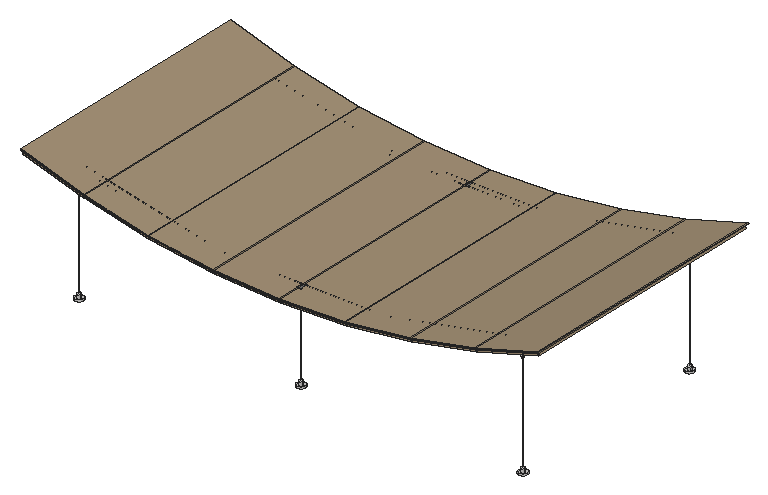
Revit family "Canopies-USG-True_Wood-Vault", category Specialty Equipment, host Face, Revit 2015
Parameters (values of type "Not a Type - Load Type Catalog")
  Width = if(Vault Canopy 72in, 36", 48")  # 48"
  Warranty = ""
  Vault Canopy 96in = not(Vault Canopy 72in)  # yes
  Vault Canopy 72in = no
  USG Literature = ""
  USG Item Number = "-"
  URL = "www.usg.com"
  Type Comments = ""
  Radius = 144"  # constant formula
  Product Page URL = ""
  Product Evaluation Report = ""
  Product Documentation Link = ""
  Model = "-"
  Material = ""
  Manufacturer = "USG"  # constant formula
  Length = if(Vault Canopy 72in, 72", 96")  # 96"
  Installation Guide = ""
  Fire Rating = ""
  Finish = Wood Tones - USG - Beech
  Description = "USG True Wood Canopies"  # constant formula
  Default Elevation = 0"
  Cable Length Desired [instance] = 12"
  Cable Length Actual [instance] = if(Cable Length Desired < 1", 1", if(Cable Length Desired > 120", 120", Cable Length Desired))  # 12"
  Canopy Hanging Kit Offset = if(Vault Canopy 72in, 11/32", 15/32")  # 15/32"
  Canopy Hanging Kit Height Offset = if(Vault Canopy 72in, 2 25/32", 5 3/4")  # 5 3/4"
  Assembly Code = "C3030200"
Reference planes (in)
  plane 1 "Center (Front/Back)": y = 0
  plane 2 "Bottom of Ceiling": z = 0
  plane 3 "Center (Left/Right)": x = 56
  plane 4 "Left": x = 8
  plane 5 "Right": x = 104
  plane 6 "Bottom": z = 0
  plane 7: y = 24
  plane 8: y = -24
  plane 9: y = 19
  plane 10: y = -19
  plane 11: x = 16
  plane 12: x = 96
  plane 13: x = 12
  plane 14: x = 100
  plane 15: x = 15.53125
  plane 16: x = 96.46875
  plane 17: z = 14.72548
  plane 18: z = 13.00897
  plane 19: z = 1.00897
  plane 20: z = 18.75897
Forms (in)
  Revolve 1, solid, material "Metal - USG - Stainless Steel"
    sketch origin (10.06805, -19, 48) x (-1, 0, 0) y (0, 0, 1)
      loop
        line (-46.73195, -48) -> (-45.93195, -48) -> (-45.93195, -46.98996) -> (-45.93195, -34.99103) -> (-45.9632, -34.99103) -> (-45.9632, -46.99103)
        arc (-45.9632, -46.99103) -> (-46.12214, -47.05046) -> (-46.22695, -47.18391) r 0.31399
        line (-46.22695, -47.18391) -> (-46.22695, -47.8125) -> (-46.73195, -47.8125) -> (-46.73195, -48)
      axis (-45.93195, -34.99103) -> (-45.93195, -48)
    angle from 0 to 360
  Revolve 2, solid, material "Metal - USG - Stainless Steel"
    sketch origin (10.06805, -19, 48) x (-1, 0, 0) y (0, 0, 1)
      loop
        line (-87.2007, -48) -> (-86.4007, -48) -> (-86.4007, -46.98996) -> (-86.4007, -29.24103) -> (-86.43195, -29.24103) -> (-86.43195, -46.99103)
        arc (-86.43195, -46.99103) -> (-86.59089, -47.05046) -> (-86.6957, -47.18391) r 0.31399
        line (-86.6957, -47.18391) -> (-86.6957, -47.8125) -> (-87.2007, -47.8125) -> (-87.2007, -48)
      axis (-86.4007, -29.24103) -> (-86.4007, -48)
    angle from 0 to 360
  Revolve 3, solid, material "Metal - USG - Stainless Steel"
    sketch origin (10.06805, 19, 48) x (-1, 0, 0) y (0, 0, 1)
      loop
        line (-46.73195, -48) -> (-45.93195, -48) -> (-45.93195, -46.98996) -> (-45.93195, -34.99103) -> (-45.9632, -34.99103) -> (-45.9632, -46.99103)
        arc (-45.9632, -46.99103) -> (-46.12214, -47.05046) -> (-46.22695, -47.18391) r 0.31399
        line (-46.22695, -47.18391) -> (-46.22695, -47.8125) -> (-46.73195, -47.8125) -> (-46.73195, -48)
      axis (-45.93195, -34.99103) -> (-45.93195, -48)
    angle from 0 to 360
  Revolve 4, solid, material "Metal - USG - Stainless Steel"
    sketch origin (10.06805, 19, 48) x (-1, 0, 0) y (0, 0, 1)
      loop
        line (-87.2007, -48) -> (-86.4007, -48) -> (-86.4007, -46.98996) -> (-86.4007, -29.24103) -> (-86.43195, -29.24103) -> (-86.43195, -46.99103)
        arc (-86.43195, -46.99103) -> (-86.59089, -47.05046) -> (-86.6957, -47.18391) r 0.31399
        line (-86.6957, -47.18391) -> (-86.6957, -47.8125) -> (-87.2007, -47.8125) -> (-87.2007, -48)
      axis (-86.4007, -29.24103) -> (-86.4007, -48)
    angle from 0 to 360
  Revolve 5, solid, material "Metal - USG - Stainless Steel"
    sketch origin (10.06805, -19, 48) x (-1, 0, 0) y (0, 0, 1)
      loop
        arc (-5.49445, -46.99103) -> (-5.65339, -47.05046) -> (-5.7582, -47.18391) r 0.31399
        line (-5.7582, -47.18391) -> (-5.7582, -47.8125) -> (-6.2632, -47.8125) -> (-6.2632, -48) -> (-5.4632, -48) -> (-5.4632, -46.98996) -> (-5.4632, -29.24103) -> (-5.49445, -29.24103) -> (-5.49445, -46.99103)
      axis (-5.4632, -29.24103) -> (-5.4632, -48)
    angle from 0 to 360
  Revolve 6, solid, material "Metal - USG - Stainless Steel"
    sketch origin (10.06805, 19, 48) x (-1, 0, 0) y (0, 0, 1)
      loop
        arc (-5.49445, -46.99103) -> (-5.65339, -47.05046) -> (-5.7582, -47.18391) r 0.31399
        line (-5.7582, -47.18391) -> (-5.7582, -47.8125) -> (-6.2632, -47.8125) -> (-6.2632, -48) -> (-5.4632, -48) -> (-5.4632, -46.98996) -> (-5.4632, -29.24103) -> (-5.49445, -29.24103) -> (-5.49445, -46.99103)
      axis (-5.4632, -29.24103) -> (-5.4632, -48)
    angle from 0 to 360
Dimensions and locks (in)
  "Length": plane 4 "Left" to plane 5 "Right"
  equal spacing: plane 4 "Left", plane 3 "Center (Left/Right)", plane 5 "Right"
  equal spacing: plane 8, plane 1 "Center (Front/Back)", plane 7
  "Width": plane 7 to plane 8
  locked: plane 7 to plane 9 at 5
  locked: plane 8 to plane 10 at 5
  locked: plane 4 "Left" to plane 11 at 8
  locked: plane 12 to plane 5 "Right" at 8
  locked: plane 4 "Left" to plane 13 at 4
  locked: plane 14 to plane 5 "Right" at 4
  "Canopy Hanging Kit Offset": plane 15 to plane 11
  "Canopy Hanging Kit Offset": plane 16 to plane 12
  locked: plane 17 to plane 18 at 1.71652
  "Cable Length Actual": plane 18 to plane 19
  locked: plane 19 to level at 1.00897
  "Canopy Hanging Kit Height Offset": plane 20 to plane 18
  Revolve 1 sketch curve to Revolve 1 sketch curve to Revolve 1 sketch curve to Revolve 1 sketch curve to Revolve 1 sketch curve to Revolve 1 sketch curve to plane 3 "Center (Left/Right)" = 0" locked, 0.505" locked, 0" locked, 0.26375" locked, 0" locked, 1/32" locked
  Revolve 1 sketch curve to Revolve 1 sketch curve to Revolve 1 sketch curve to Revolve 1 sketch curve to level = 0.19287" locked, 0.62859" locked, 0" locked, 3/16" locked
  Revolve 3 sketch curve to Revolve 3 sketch curve to Revolve 3 sketch curve to Revolve 3 sketch curve to Revolve 3 sketch curve to Revolve 3 sketch curve to plane 3 "Center (Left/Right)" = 0" locked, 0.505" locked, 0" locked, 0.26375" locked, 0" locked, 1/32" locked
  Revolve 3 sketch curve to Revolve 3 sketch curve to Revolve 3 sketch curve to Revolve 3 sketch curve to level = 0.19287" locked, 0.62859" locked, 0" locked, 3/16" locked
  Revolve 2 sketch curve to Revolve 2 sketch curve to Revolve 2 sketch curve to Revolve 2 sketch curve to Revolve 2 sketch curve to Revolve 2 sketch curve to plane 16 = 0" locked, 0.505" locked, 0" locked, 0.26375" locked, 0" locked, 1/32" locked
  Revolve 2 sketch curve to Revolve 2 sketch curve to Revolve 2 sketch curve to Revolve 2 sketch curve to level = 0.19287" locked, 0.62859" locked, 0" locked, 3/16" locked
  Revolve 4 sketch curve to Revolve 4 sketch curve to Revolve 4 sketch curve to Revolve 4 sketch curve to Revolve 4 sketch curve to Revolve 4 sketch curve to plane 16 = 0" locked, 0.505" locked, 0" locked, 0.26375" locked, 0" locked, 1/32" locked
  Revolve 4 sketch curve to Revolve 4 sketch curve to Revolve 4 sketch curve to Revolve 4 sketch curve to level = 0.19287" locked, 0.62859" locked, 0" locked, 3/16" locked
  Revolve 5 sketch curve to Revolve 5 sketch curve to Revolve 5 sketch curve to Revolve 5 sketch curve to Revolve 5 sketch curve to plane 15 = 0" locked, 0.505" locked, 0" locked, 0.26375" locked, 1/32" locked
  Revolve 5 sketch curve to Revolve 5 sketch curve to Revolve 5 sketch curve to level = 0.62859" locked, 0" locked, 3/16" locked
  Revolve 6 sketch curve to Revolve 6 sketch curve to Revolve 6 sketch curve to Revolve 6 sketch curve to Revolve 6 sketch curve to plane 15 = 0" locked, 0.505" locked, 0" locked, 0.26375" locked, 1/32" locked
  Revolve 6 sketch curve to Revolve 6 sketch curve to Revolve 6 sketch curve to level = 0.62859" locked, 0" locked, 3/16" locked
  aligned and locked: host face to plane 2 "Bottom of Ceiling"
  aligned and locked: level to host face
  aligned and locked: Revolve 1 to plane 18
  aligned and locked: plane 18 to Revolve 3
  aligned and locked: Revolve 5 to plane 20  (x5)
  aligned and locked: Revolve 2 to plane 20
  aligned and locked: plane 20 to Revolve 4
  aligned and locked: plane 20 to Revolve 6
  aligned and locked: Revolve 1 sketch curve to plane 3 "Center (Left/Right)"  (x2)
  aligned and locked: plane 3 "Center (Left/Right)" to Revolve 1 sketch curve
  aligned and locked: Revolve 3 sketch curve to plane 3 "Center (Left/Right)"  (x2)
  aligned and locked: plane 3 "Center (Left/Right)" to Revolve 3 sketch curve
  aligned and locked: Revolve 2 sketch curve to plane 16  (x2)
  aligned and locked: plane 16 to Revolve 2 sketch curve
  aligned and locked: Revolve 4 sketch curve to plane 16  (x2)
  aligned and locked: plane 16 to Revolve 4 sketch curve
  aligned and locked: plane 15 to Revolve 5 sketch curve  (x2)
  aligned and locked: Revolve 5 sketch curve to plane 15
  aligned and locked: plane 15 to Revolve 6 sketch curve  (x2)
  aligned and locked: Revolve 6 sketch curve to plane 15
Automatic sketch dimensions
  host sketch curve to host sketch curve = 150"
  host sketch curve to host sketch curve = 145.5071"
  Revolve 1 sketch curve to level = 0"
  Revolve 1 sketch curve to plane 18 = 0"
  Revolve 1 sketch curve to plane 3 "Center (Left/Right)" = 0.00485"
  plane 19 to Revolve 1 sketch curve = 0.00107"
  level to Revolve 1 sketch curve = 1.08111"
  plane 20 to Revolve 1 sketch curve = 6.87867"
  Revolve 2 sketch curve to level = 0"
  Revolve 2 sketch curve to plane 20 = 0"
  Revolve 2 sketch curve to plane 16 = 0.00485"
  plane 19 to Revolve 2 sketch curve = 0.00107"
  level to Revolve 2 sketch curve = 1.08111"
  Revolve 2 sketch curve to Revolve 2 sketch curve = 6.87867"
  Revolve 3 sketch curve to level = 0"
  Revolve 3 sketch curve to plane 18 = 0"
  plane 3 "Center (Left/Right)" to Revolve 3 sketch curve = 0.00485"
  Revolve 3 sketch curve to plane 19 = 0.00107"
  Revolve 3 sketch curve to Revolve 3 sketch curve = 1.08111"
  Revolve 3 sketch curve to plane 20 = 6.87867"
  Revolve 4 sketch curve to level = 0"
  Revolve 4 sketch curve to plane 20 = 0"
  plane 16 to Revolve 4 sketch curve = 0.00485"
  Revolve 4 sketch curve to plane 19 = 0.00107"
  Revolve 4 sketch curve to Revolve 4 sketch curve = 1.08111"
  Revolve 4 sketch curve to Revolve 4 sketch curve = 6.87867"
  Revolve 5 sketch curve to plane 20 = 0"
  Revolve 5 sketch curve to plane 19 = 0"
  Revolve 5 sketch curve to level = 0"
  plane 15 to Revolve 5 sketch curve = 0.00485"
  plane 19 to Revolve 5 sketch curve = 0.00107"
  Revolve 5 sketch curve to Revolve 5 sketch curve = 1.08111"
  plane 20 to Revolve 5 sketch curve = 6.87867"
  Revolve 6 sketch curve to level = 0"
  Revolve 6 sketch curve to plane 20 = 0"
  Revolve 6 sketch curve to plane 19 = 0"
  Revolve 6 sketch curve to plane 15 = 0.00485"
  Revolve 6 sketch curve to plane 19 = 0.00107"
  Revolve 6 sketch curve to Revolve 6 sketch curve = 1.08111"
  Revolve 6 sketch curve to plane 20 = 6.87867"
Nested families (in)
  nested 1: "Nested-Vault" at (56, 0, 14.72548), type "Nested-Vault"
    with Width 48", Canopy Hanging Kit 96in yes, Canopy Hanging Kit 72in no
Definition of nested family "Nested-Vault"
  Parameters (values of type "Nested-Vault")
    Width = 36"
    Panel Finish = none
    Length = 36"
    Default Elevation = 48"
    Channel Finish = none
    Canopy Hanging Kit Finish = none
    Canopy Hanging Kit 96in = no
    Canopy Hanging Kit 72in = yes
  Reference planes (in)
    plane 1 "Center (Front/Back)": y = 0
    plane 2: z = 0
    plane 3 "Center (Left/Right)": x = 0
    plane 4: y = -18
    plane 5: y = 18
    plane 6: y = 13
    plane 7: y = -13
    plane 8: x = -48
    plane 9: x = 48
    plane 10: x = -47.11523
    plane 11: x = 47.11523
    plane 12: x = -36
    plane 13: x = 36
    plane 14: x = -35.62695
    plane 15: x = 35.62695
    plane 16: x = -44
    plane 17: x = 44
    plane 18: x = 32
    plane 19: x = -32
    plane 20: x = 40
    plane 21: x = -40
    plane 22: x = 28
    plane 23: x = -28
  Forms (in)
    Extrusion 1, solid
      sketch origin (0, 0, 0) x (1, 0, 0) y (0, 1, 0)
        loop
          line (-48, 48) -> (-48, -48) -> (48, -48) -> (48, 48) -> (-48, 48)
      from 0 to -12
    Extrusion 2, solid, material <- "Panel Finish"
      sketch origin (0.03124, 0, 0.87562) x (0, 1, 0) y (-0.04165, 0, 0.999132)
        loop
          line (-18, 0.75) -> (-18, 0.62317) -> (-17.75135, 0.37451) -> (-17.62635, 0.37451) -> (-17.62635, 0) -> (17.62635, 0) -> (17.62635, 0.37451) -> (17.75135, 0.37451) -> (18, 0.62317) -> (18, 0.75) -> (-18, 0.75)
      from 0 to 12
    Extrusion 3, solid, material <- "Panel Finish"
      sketch origin (12.08309, 0, 1.38083) x (0, 1, 0) y (-0.124694, 0, 0.992195)
        loop
          line (-18, 0.75) -> (-18, 0.62317) -> (-17.75135, 0.37451) -> (-17.62635, 0.37451) -> (-17.62635, 0) -> (17.62635, 0) -> (17.62635, 0.37451) -> (17.75135, 0.37451) -> (18, 0.62317) -> (18, 0.75) -> (-18, 0.75)
      from 0 to 12
    Extrusion 4, solid, material <- "Panel Finish", visible <- "Canopy Hanging Kit 96in"
      sketch origin (24.05103, 0, 2.88772) x (0, 1, 0) y (-0.206872, 0, 0.978368)
        loop
          line (-18, 0.75) -> (-18, 0.62317) -> (-17.75135, 0.37451) -> (-17.62635, 0.37451) -> (-17.62635, 0) -> (17.62635, 0) -> (17.62635, 0.37451) -> (17.75135, 0.37451) -> (18, 0.62317) -> (18, 0.75) -> (-18, 0.75)
      from 0 to 12
    Extrusion 5, solid, material <- "Panel Finish", visible <- "Canopy Hanging Kit 96in"
      sketch origin (35.85196, 0, 5.38585) x (0, 1, 0) y (-0.287614, 0, 0.957746)
        loop
          line (-18, 0.75) -> (-18, 0.62317) -> (-17.75135, 0.37451) -> (-17.62635, 0.37451) -> (-17.62635, 0) -> (17.62635, 0) -> (17.62635, 0.37451) -> (17.75135, 0.37451) -> (18, 0.62317) -> (18, 0.75) -> (-18, 0.75)
      from 0 to 12
    Sweep 6, solid, material <- "Channel Finish", visible <- "Canopy Hanging Kit 96in"
      path origin (-60, -13, 48.87497) x (-1, 0, 0) y (0, 0, 1)
        loop
          arc (-16, -41.98809) -> (-60, -48.875) -> (-104, -41.98809) r 144
      profile origin (0, -13, -0.00003) x (0, 0, 1) y (0, -1, 0)
        loop
          arc (0.22879, 0.4375) -> (0.28129, 0.49) -> (0.22879, 0.5425) r 0.0525
          line (0.22879, 0.5425) -> (0.13625, 0.5425)
          arc (0.13625, 0.5425) -> (0.11415, 0.55165) -> (0.105, 0.57375) r 0.03125
          line (0.105, 0.57375) -> (0.105, 0.61375)
          arc (0.105, 0.61375) -> (0.13246, 0.68004) -> (0.19875, 0.7075) r 0.09375
          line (0.19875, 0.7075) -> (0.73875, 0.7075)
          arc (0.73875, 0.7075) -> (0.76085, 0.69835) -> (0.77, 0.67625) r 0.03125
          line (0.77, 0.67625) -> (0.77, -0.67625)
          arc (0.77, -0.67625) -> (0.76085, -0.69835) -> (0.73875, -0.7075) r 0.03125
          line (0.73875, -0.7075) -> (0.19875, -0.7075)
          arc (0.19875, -0.7075) -> (0.13246, -0.68004) -> (0.105, -0.61375) r 0.09375
          line (0.105, -0.61375) -> (0.105, -0.57375)
          arc (0.105, -0.57375) -> (0.11415, -0.55165) -> (0.13625, -0.5425) r 0.03125
          line (0.13625, -0.5425) -> (0.22879, -0.5425)
          arc (0.22879, -0.5425) -> (0.28129, -0.49) -> (0.22879, -0.4375) r 0.0525
          line (0.22879, -0.4375) -> (0.13625, -0.4375)
          arc (0.13625, -0.4375) -> (0.03991, -0.47741) -> (0, -0.57375) r 0.13625
          line (0, -0.57375) -> (0, -0.61375)
          arc (0, -0.61375) -> (0.05821, -0.75429) -> (0.19875, -0.8125) r 0.19875
          line (0.19875, -0.8125) -> (0.73875, -0.8125)
          arc (0.73875, -0.8125) -> (0.83509, -0.77259) -> (0.875, -0.67625) r 0.13625
          line (0.875, -0.67625) -> (0.875, 0.67625)
          arc (0.875, 0.67625) -> (0.83509, 0.77259) -> (0.73875, 0.8125) r 0.13625
          line (0.73875, 0.8125) -> (0.19875, 0.8125)
          arc (0.19875, 0.8125) -> (0.05821, 0.75429) -> (0, 0.61375) r 0.19875
          line (0, 0.61375) -> (0, 0.57375)
          arc (0, 0.57375) -> (0.03991, 0.47741) -> (0.13625, 0.4375) r 0.13625
          line (0.13625, 0.4375) -> (0.22879, 0.4375)
    Sweep 7, solid, material <- "Channel Finish", visible <- "Canopy Hanging Kit 72in"
      path origin (-60, -13, 48.87497) x (-1, 0, 0) y (0, 0, 1)
        loop
          arc (-28, -45.27443) -> (-60, -48.875) -> (-92, -45.27443) r 144
      profile origin (0, -13, -0.00003) x (0, 0, 1) y (0, -1, 0)
        loop
          arc (0.22879, 0.4375) -> (0.28129, 0.49) -> (0.22879, 0.5425) r 0.0525
          line (0.22879, 0.5425) -> (0.13625, 0.5425)
          arc (0.13625, 0.5425) -> (0.11415, 0.55165) -> (0.105, 0.57375) r 0.03125
          line (0.105, 0.57375) -> (0.105, 0.61375)
          arc (0.105, 0.61375) -> (0.13246, 0.68004) -> (0.19875, 0.7075) r 0.09375
          line (0.19875, 0.7075) -> (0.73875, 0.7075)
          arc (0.73875, 0.7075) -> (0.76085, 0.69835) -> (0.77, 0.67625) r 0.03125
          line (0.77, 0.67625) -> (0.77, -0.67625)
          arc (0.77, -0.67625) -> (0.76085, -0.69835) -> (0.73875, -0.7075) r 0.03125
          line (0.73875, -0.7075) -> (0.19875, -0.7075)
          arc (0.19875, -0.7075) -> (0.13246, -0.68004) -> (0.105, -0.61375) r 0.09375
          line (0.105, -0.61375) -> (0.105, -0.57375)
          arc (0.105, -0.57375) -> (0.11415, -0.55165) -> (0.13625, -0.5425) r 0.03125
          line (0.13625, -0.5425) -> (0.22879, -0.5425)
          arc (0.22879, -0.5425) -> (0.28129, -0.49) -> (0.22879, -0.4375) r 0.0525
          line (0.22879, -0.4375) -> (0.13625, -0.4375)
          arc (0.13625, -0.4375) -> (0.03991, -0.47741) -> (0, -0.57375) r 0.13625
          line (0, -0.57375) -> (0, -0.61375)
          arc (0, -0.61375) -> (0.05821, -0.75429) -> (0.19875, -0.8125) r 0.19875
          line (0.19875, -0.8125) -> (0.73875, -0.8125)
          arc (0.73875, -0.8125) -> (0.83509, -0.77259) -> (0.875, -0.67625) r 0.13625
          line (0.875, -0.67625) -> (0.875, 0.67625)
          arc (0.875, 0.67625) -> (0.83509, 0.77259) -> (0.73875, 0.8125) r 0.13625
          line (0.73875, 0.8125) -> (0.19875, 0.8125)
          arc (0.19875, 0.8125) -> (0.05821, 0.75429) -> (0, 0.61375) r 0.19875
          line (0, 0.61375) -> (0, 0.57375)
          arc (0, 0.57375) -> (0.03991, 0.47741) -> (0.13625, 0.4375) r 0.13625
          line (0.13625, 0.4375) -> (0.22879, 0.4375)
    Sweep 8, solid, material <- "Channel Finish", visible <- "Canopy Hanging Kit 96in"
      path origin (-60, 13, 48.87497) x (-1, 0, 0) y (0, 0, 1)
        loop
          arc (-16, -41.98809) -> (-60, -48.875) -> (-104, -41.98809) r 144
      profile origin (0, 13, -0.00003) x (0, 0, -1) y (0, 1, 0)
        loop
          line (-0.22879, 0.4375) -> (-0.13625, 0.4375)
          arc (-0.13625, 0.4375) -> (-0.03991, 0.47741) -> (0, 0.57375) r 0.13625
          line (0, 0.57375) -> (0, 0.61375)
          arc (0, 0.61375) -> (-0.05821, 0.75429) -> (-0.19875, 0.8125) r 0.19875
          line (-0.19875, 0.8125) -> (-0.73875, 0.8125)
          arc (-0.73875, 0.8125) -> (-0.83509, 0.77259) -> (-0.875, 0.67625) r 0.13625
          line (-0.875, 0.67625) -> (-0.875, -0.67625)
          arc (-0.875, -0.67625) -> (-0.83509, -0.77259) -> (-0.73875, -0.8125) r 0.13625
          line (-0.73875, -0.8125) -> (-0.19875, -0.8125)
          arc (-0.19875, -0.8125) -> (-0.05821, -0.75429) -> (0, -0.61375) r 0.19875
          line (0, -0.61375) -> (0, -0.57375)
          arc (0, -0.57375) -> (-0.03991, -0.47741) -> (-0.13625, -0.4375) r 0.13625
          line (-0.13625, -0.4375) -> (-0.22879, -0.4375)
          arc (-0.22879, -0.4375) -> (-0.28129, -0.49) -> (-0.22879, -0.5425) r 0.0525
          line (-0.22879, -0.5425) -> (-0.13625, -0.5425)
          arc (-0.13625, -0.5425) -> (-0.11415, -0.55165) -> (-0.105, -0.57375) r 0.03125
          line (-0.105, -0.57375) -> (-0.105, -0.61375)
          arc (-0.105, -0.61375) -> (-0.13246, -0.68004) -> (-0.19875, -0.7075) r 0.09375
          line (-0.19875, -0.7075) -> (-0.73875, -0.7075)
          arc (-0.73875, -0.7075) -> (-0.76085, -0.69835) -> (-0.77, -0.67625) r 0.03125
          line (-0.77, -0.67625) -> (-0.77, 0.67625)
          arc (-0.77, 0.67625) -> (-0.76085, 0.69835) -> (-0.73875, 0.7075) r 0.03125
          line (-0.73875, 0.7075) -> (-0.19875, 0.7075)
          arc (-0.19875, 0.7075) -> (-0.13246, 0.68004) -> (-0.105, 0.61375) r 0.09375
          line (-0.105, 0.61375) -> (-0.105, 0.57375)
          arc (-0.105, 0.57375) -> (-0.11415, 0.55165) -> (-0.13625, 0.5425) r 0.03125
          line (-0.13625, 0.5425) -> (-0.22879, 0.5425)
          arc (-0.22879, 0.5425) -> (-0.28129, 0.49) -> (-0.22879, 0.4375) r 0.0525
    Sweep 9, solid, material <- "Channel Finish", visible <- "Canopy Hanging Kit 72in"
      path origin (-60, 13, 48.87497) x (-1, 0, 0) y (0, 0, 1)
        loop
          arc (-28, -45.27443) -> (-60, -48.875) -> (-92, -45.27443) r 144
      profile origin (0, 13, -0.00003) x (0, 0, -1) y (0, 1, 0)
        loop
          line (-0.22879, 0.4375) -> (-0.13625, 0.4375)
          arc (-0.13625, 0.4375) -> (-0.03991, 0.47741) -> (0, 0.57375) r 0.13625
          line (0, 0.57375) -> (0, 0.61375)
          arc (0, 0.61375) -> (-0.05821, 0.75429) -> (-0.19875, 0.8125) r 0.19875
          line (-0.19875, 0.8125) -> (-0.73875, 0.8125)
          arc (-0.73875, 0.8125) -> (-0.83509, 0.77259) -> (-0.875, 0.67625) r 0.13625
          line (-0.875, 0.67625) -> (-0.875, -0.67625)
          arc (-0.875, -0.67625) -> (-0.83509, -0.77259) -> (-0.73875, -0.8125) r 0.13625
          line (-0.73875, -0.8125) -> (-0.19875, -0.8125)
          arc (-0.19875, -0.8125) -> (-0.05821, -0.75429) -> (0, -0.61375) r 0.19875
          line (0, -0.61375) -> (0, -0.57375)
          arc (0, -0.57375) -> (-0.03991, -0.47741) -> (-0.13625, -0.4375) r 0.13625
          line (-0.13625, -0.4375) -> (-0.22879, -0.4375)
          arc (-0.22879, -0.4375) -> (-0.28129, -0.49) -> (-0.22879, -0.5425) r 0.0525
          line (-0.22879, -0.5425) -> (-0.13625, -0.5425)
          arc (-0.13625, -0.5425) -> (-0.11415, -0.55165) -> (-0.105, -0.57375) r 0.03125
          line (-0.105, -0.57375) -> (-0.105, -0.61375)
          arc (-0.105, -0.61375) -> (-0.13246, -0.68004) -> (-0.19875, -0.7075) r 0.09375
          line (-0.19875, -0.7075) -> (-0.73875, -0.7075)
          arc (-0.73875, -0.7075) -> (-0.76085, -0.69835) -> (-0.77, -0.67625) r 0.03125
          line (-0.77, -0.67625) -> (-0.77, 0.67625)
          arc (-0.77, 0.67625) -> (-0.76085, 0.69835) -> (-0.73875, 0.7075) r 0.03125
          line (-0.73875, 0.7075) -> (-0.19875, 0.7075)
          arc (-0.19875, 0.7075) -> (-0.13246, 0.68004) -> (-0.105, 0.61375) r 0.09375
          line (-0.105, 0.61375) -> (-0.105, 0.57375)
          arc (-0.105, 0.57375) -> (-0.11415, 0.55165) -> (-0.13625, 0.5425) r 0.03125
          line (-0.13625, 0.5425) -> (-0.22879, 0.5425)
          arc (-0.22879, 0.5425) -> (-0.28129, 0.49) -> (-0.22879, 0.4375) r 0.0525
    Extrusion 10, solid, material <- "Panel Finish"
      sketch origin (-0.03124, 0, 0.87562) x (0, 1, 0) y (-0.04165, 0, -0.999132)
        loop
          line (-18, -0.75) -> (18, -0.75) -> (18, -0.62317) -> (17.75135, -0.37451) -> (17.62635, -0.37451) -> (17.62635, 0) -> (-17.62635, 0) -> (-17.62635, -0.37451) -> (-17.75135, -0.37451) -> (-18, -0.62317) -> (-18, -0.75)
      from 0 to 12
    Extrusion 11, solid, material <- "Panel Finish"
      sketch origin (-12.08309, 0, 1.38083) x (0, 1, 0) y (-0.124694, 0, -0.992195)
        loop
          line (-18, -0.75) -> (18, -0.75) -> (18, -0.62317) -> (17.75135, -0.37451) -> (17.62635, -0.37451) -> (17.62635, 0) -> (-17.62635, 0) -> (-17.62635, -0.37451) -> (-17.75135, -0.37451) -> (-18, -0.62317) -> (-18, -0.75)
      from 0 to 12
    Extrusion 12, solid, material <- "Panel Finish", visible <- "Canopy Hanging Kit 96in"
      sketch origin (-24.05103, 0, 2.88772) x (0, 1, 0) y (-0.206872, 0, -0.978368)
        loop
          line (-18, -0.75) -> (18, -0.75) -> (18, -0.62317) -> (17.75135, -0.37451) -> (17.62635, -0.37451) -> (17.62635, 0) -> (-17.62635, 0) -> (-17.62635, -0.37451) -> (-17.75135, -0.37451) -> (-18, -0.62317) -> (-18, -0.75)
      from 0 to 12
    Extrusion 13, solid, material <- "Panel Finish", visible <- "Canopy Hanging Kit 96in"
      sketch origin (-35.85196, 0, 5.38585) x (0, 1, 0) y (-0.287614, 0, -0.957746)
        loop
          line (-18, -0.75) -> (18, -0.75) -> (18, -0.62317) -> (17.75135, -0.37451) -> (17.62635, -0.37451) -> (17.62635, 0) -> (-17.62635, 0) -> (-17.62635, -0.37451) -> (-17.75135, -0.37451) -> (-18, -0.62317) -> (-18, -0.75)
      from 0 to 12
    Revolve 14, solid, material <- "Canopy Hanging Kit Finish", visible <- "Canopy Hanging Kit 72in"
      sketch origin (28, -13, 2.71719) x (0.192214, 0, -0.981353) y (0.981353, 0, 0.192214)
        loop
          line (0, -0.197) -> (0, -1) -> (0.062, -1) -> (0.062, -0.197) -> (1.32252, -0.197) -> (1.32252, -0.11719) -> (1.68568, -0.11719)
          arc (1.68568, -0.11719) -> (1.70749, -0.10815) -> (1.71652, -0.08635) r 0.03084
          line (1.71652, -0.08635) -> (1.71652, 0) -> (-0.76837, 0) -> (-0.76837, -0.67969) -> (-0.2827, -0.67969) -> (-0.2827, -0.197) -> (0, -0.197)
        axis (1.71652, 0) -> (-0.76837, 0)
      angle from 0 to 360
    Revolve 15, solid, material <- "Canopy Hanging Kit Finish", visible <- "Canopy Hanging Kit 72in"
      sketch origin (-28, -13, 2.71719) x (-0.192214, 0, -0.981353) y (0.981353, 0, -0.192214)
        loop
          line (-0.76837, 0) -> (1.71652, 0) -> (1.71652, 0.08635)
          arc (1.71652, 0.08635) -> (1.70749, 0.10815) -> (1.68568, 0.11719) r 0.03084
          line (1.68568, 0.11719) -> (1.32252, 0.11719) -> (1.32252, 0.197) -> (0.062, 0.197) -> (0.062, 1) -> (0, 1) -> (0, 0.197) -> (-0.2827, 0.197) -> (-0.2827, 0.67969) -> (-0.76837, 0.67969) -> (-0.76837, 0)
        axis (1.71652, 0) -> (-0.76837, 0)
      angle from 0 to 360
    Revolve 16, solid, material <- "Canopy Hanging Kit Finish"
      sketch origin (0, -13, 0) x (0, 0, -1) y (1, 0, 0)
        loop
          line (0, -0.197) -> (0, -1) -> (0.062, -1) -> (0.062, -0.197) -> (1.32252, -0.197) -> (1.32252, -0.11719) -> (1.68568, -0.11719)
          arc (1.68568, -0.11719) -> (1.70749, -0.10815) -> (1.71652, -0.08635) r 0.03084
          line (1.71652, -0.08635) -> (1.71652, 0) -> (-0.76837, 0) -> (-0.76837, -0.67969) -> (-0.2827, -0.67969) -> (-0.2827, -0.197) -> (0, -0.197)
        axis (1.71652, 0) -> (-0.76837, 0)
      angle from 0 to 360
    Revolve 17, solid, material <- "Canopy Hanging Kit Finish", visible <- "Canopy Hanging Kit 72in"
      sketch origin (28, 13, 2.71719) x (0.192214, 0, -0.981353) y (-0.981353, 0, -0.192214)
        loop
          line (-0.76837, 0) -> (-0.76837, -0.67969) -> (-0.2827, -0.67969) -> (-0.2827, -0.197) -> (0, -0.197) -> (0, -1) -> (0.062, -1) -> (0.062, -0.197) -> (1.32252, -0.197) -> (1.32252, -0.11719) -> (1.68568, -0.11719)
          arc (1.68568, -0.11719) -> (1.70749, -0.10815) -> (1.71652, -0.08635) r 0.03084
          line (1.71652, -0.08635) -> (1.71652, 0) -> (-0.76837, 0)
        axis (1.71652, 0) -> (-0.76837, 0)
      angle from 0 to 360
    Revolve 18, solid, material <- "Canopy Hanging Kit Finish", visible <- "Canopy Hanging Kit 72in"
      sketch origin (-28, 13, 2.71719) x (-0.192214, 0, -0.981353) y (-0.981353, 0, 0.192214)
        loop
          line (0, 0.197) -> (-0.2827, 0.197) -> (-0.2827, 0.67969) -> (-0.76837, 0.67969) -> (-0.76837, 0) -> (1.71652, 0) -> (1.71652, 0.08635)
          arc (1.71652, 0.08635) -> (1.70749, 0.10815) -> (1.68568, 0.11719) r 0.03084
          line (1.68568, 0.11719) -> (1.32252, 0.11719) -> (1.32252, 0.197) -> (0.062, 0.197) -> (0.062, 1) -> (0, 1) -> (0, 0.197)
        axis (1.71652, 0) -> (-0.76837, 0)
      angle from 0 to 360
    Revolve 19, solid, material <- "Canopy Hanging Kit Finish"
      sketch origin (0, 13, 0) x (0, 0, -1) y (-1, 0, 0)
        loop
          line (0, -0.197) -> (0, -1) -> (0.062, -1) -> (0.062, -0.197) -> (1.32252, -0.197) -> (1.32252, -0.11719) -> (1.68568, -0.11719)
          arc (1.68568, -0.11719) -> (1.70749, -0.10815) -> (1.71652, -0.08635) r 0.03084
          line (1.71652, -0.08635) -> (1.71652, 0) -> (-0.76837, 0) -> (-0.76837, -0.67969) -> (-0.2827, -0.67969) -> (-0.2827, -0.197) -> (0, -0.197)
        axis (-0.76837, 0) -> (1.71652, 0)
      angle from 0 to 360
    Revolve 20, solid, material <- "Canopy Hanging Kit Finish", visible <- "Canopy Hanging Kit 96in"
      sketch origin (39.98225, -13, 5.6632) x (0.275637, 0, -0.961262) y (0.961262, 0, 0.275637)
        loop
          line (0, -0.197) -> (0, -1) -> (0.062, -1) -> (0.062, -0.197) -> (1.32252, -0.197) -> (1.32252, -0.11719) -> (1.68568, -0.11719)
          arc (1.68568, -0.11719) -> (1.70749, -0.10815) -> (1.71652, -0.08635) r 0.03084
          line (1.71652, -0.08635) -> (1.71652, 0) -> (-0.76837, 0) -> (-0.76837, -0.67969) -> (-0.2827, -0.67969) -> (-0.2827, -0.197) -> (0, -0.197)
        axis (1.71652, 0) -> (-0.76837, 0)
      angle from 0 to 360
    Revolve 21, solid, material <- "Canopy Hanging Kit Finish", visible <- "Canopy Hanging Kit 96in"
      sketch origin (-39.98225, -13, 5.6632) x (-0.275637, 0, -0.961262) y (0.961262, 0, -0.275637)
        loop
          line (-0.76837, 0) -> (1.71652, 0) -> (1.71652, 0.08635)
          arc (1.71652, 0.08635) -> (1.70749, 0.10815) -> (1.68568, 0.11719) r 0.03084
          line (1.68568, 0.11719) -> (1.32252, 0.11719) -> (1.32252, 0.197) -> (0.062, 0.197) -> (0.062, 1) -> (0, 1) -> (0, 0.197) -> (-0.2827, 0.197) -> (-0.2827, 0.67969) -> (-0.76837, 0.67969) -> (-0.76837, 0)
        axis (1.71652, 0) -> (-0.76837, 0)
      angle from 0 to 360
    Revolve 22, solid, material <- "Canopy Hanging Kit Finish", visible <- "Canopy Hanging Kit 96in"
      sketch origin (39.98225, 13, 5.6632) x (0.275637, 0, -0.961262) y (-0.961262, 0, -0.275637)
        loop
          line (-0.76837, 0) -> (-0.76837, -0.67969) -> (-0.2827, -0.67969) -> (-0.2827, -0.197) -> (0, -0.197) -> (0, -1) -> (0.062, -1) -> (0.062, -0.197) -> (1.32252, -0.197) -> (1.32252, -0.11719) -> (1.68568, -0.11719)
          arc (1.68568, -0.11719) -> (1.70749, -0.10815) -> (1.71652, -0.08635) r 0.03084
          line (1.71652, -0.08635) -> (1.71652, 0) -> (-0.76837, 0)
        axis (1.71652, 0) -> (-0.76837, 0)
      angle from 0 to 360
    Revolve 23, solid, material <- "Canopy Hanging Kit Finish", visible <- "Canopy Hanging Kit 96in"
      sketch origin (-39.98225, 13, 5.6632) x (-0.275637, 0, -0.961262) y (-0.961262, 0, 0.275637)
        loop
          line (0, 0.197) -> (-0.2827, 0.197) -> (-0.2827, 0.67969) -> (-0.76837, 0.67969) -> (-0.76837, 0) -> (1.71652, 0) -> (1.71652, 0.08635)
          arc (1.71652, 0.08635) -> (1.70749, 0.10815) -> (1.68568, 0.11719) r 0.03084
          line (1.68568, 0.11719) -> (1.32252, 0.11719) -> (1.32252, 0.197) -> (0.062, 0.197) -> (0.062, 1) -> (0, 1) -> (0, 0.197)
        axis (1.71652, 0) -> (-0.76837, 0)
      angle from 0 to 360
    Extrusion 24, void
      sketch origin (0, 0, 0) x (1, 0, 0) y (0, 0, 1)
        loop
          line (-47.1292, 9.55552) -> (-47.295, 9.60531) -> (-47.51071, 8.887) -> (-46.98705, 8.72975) -> (-46.87934, 9.08844) -> (-46.99905, 9.12439) -> (-47.16568, 9.43405) -> (-47.1292, 9.55552)
      from -18 to 18
    Extrusion 25, void
      sketch origin (0, 0, 0) x (-1, 0, 0) y (0, 0, -1)
        loop
          line (-47.1292, -9.55552) -> (-47.16568, -9.43405) -> (-46.99905, -9.12439) -> (-46.87934, -9.08844) -> (-46.98705, -8.72975) -> (-47.51071, -8.887) -> (-47.295, -9.60531) -> (-47.1292, -9.55552)
      from -18 to 18
    Extrusion 26, solid, material <- "Panel Finish", visible <- "Canopy Hanging Kit 72in"
      sketch origin (24.05103, 0, 2.88772) x (0, 1, 0) y (-0.206872, 0, 0.978368)
        loop
          line (-18, 0.75) -> (-18, 0.62317) -> (-17.75135, 0.37451) -> (-17.62635, 0.37451) -> (-17.62635, 0) -> (17.62635, 0) -> (17.62635, 0.37451) -> (17.75135, 0.37451) -> (18, 0.62317) -> (18, 0.75) -> (-18, 0.75)
      from 0 to 12
    Extrusion 27, solid, material <- "Panel Finish", visible <- "Canopy Hanging Kit 72in"
      sketch origin (-24.05103, 0, 2.88772) x (0, 1, 0) y (-0.206872, 0, -0.978368)
        loop
          line (-18, -0.75) -> (18, -0.75) -> (18, -0.62317) -> (17.75135, -0.37451) -> (17.62635, -0.37451) -> (17.62635, 0) -> (-17.62635, 0) -> (-17.62635, -0.37451) -> (-17.75135, -0.37451) -> (-18, -0.62317) -> (-18, -0.75)
      from 0 to 12
    Extrusion 28, void
      sketch origin (12.12528, 0, 0.50904) x (0.996522, 0, 0.083328) y (-0.083328, 0, 0.996522)
        loop
          line (-47.1292, 9.55552) -> (-47.295, 9.60531) -> (-47.51071, 8.887) -> (-46.98705, 8.72975) -> (-46.87934, 9.08844) -> (-46.99905, 9.12439) -> (-47.16568, 9.43405) -> (-47.1292, 9.55552)
      from -18 to 18
    Extrusion 29, void
      sketch origin (-12.12528, 0, 0.50904) x (-0.996522, 0, 0.083328) y (-0.083328, 0, -0.996522)
        loop
          line (-47.1292, -9.55552) -> (-47.16568, -9.43405) -> (-46.99905, -9.12439) -> (-46.87934, -9.08844) -> (-46.98705, -8.72975) -> (-47.51071, -8.887) -> (-47.295, -9.60531) -> (-47.1292, -9.55552)
      from -18 to 18
  Cuts and joins
    Extrusion 24, Extrusion 25, Extrusion 29 cuts Extrusion 13
    Extrusion 25 cuts Extrusion 5
    Extrusion 29 cuts Extrusion 12
    Extrusion 28, Extrusion 29 cuts Extrusion 27
    Extrusion 29 cuts Extrusion 26
  Lines and regions (in)
    Masking region 1, visible <- "Canopy Hanging Kit 96in"
      outline origin (0, 0, 0) x (1, 0, 0) y (0, 1, 0)
        loop
          line (-48, 18) -> (-48, -18) -> (48, -18) -> (48, 18) -> (-48, 18)
    Masking region 2, visible <- "Canopy Hanging Kit 72in"
      outline origin (0, 0, 0) x (1, 0, 0) y (0, 1, 0)
        loop
          line (-36, 18) -> (-36, -18) -> (36, -18) -> (36, 18) -> (-36, 18)
    reference lines, not visible
      curve 1: line (28, -13, 2.71719) -> (28.3349, -13, 1.00734)
      curve 2: line (-28, -13, 2.71719) -> (-28.3349, -13, 1.00734)
      curve 3: line (0, -13, 0) -> (0, -13, -1.74285)
      curve 4: line (28, 13, 2.71719) -> (28.3349, 13, 1.00734)
      curve 5: line (-28, 13, 2.71719) -> (-28.3349, 13, 1.00734)
      curve 6: line (0, 13, 0) -> (0, 13, -1.74285)
    reference lines, visible <- "Canopy Hanging Kit 96in"
      curve 7: line (39.98225, -13, 5.6632) -> (40.46256, -13, 3.98816)
      curve 8: line (-39.98225, -13, 5.6632) -> (-40.46256, -13, 3.98816)
      curve 9: line (39.98225, 13, 5.6632) -> (40.46256, 13, 3.98816)
      curve 10: line (-39.98225, 13, 5.6632) -> (-40.46256, 13, 3.98816)
    symbolic lines, visible <- "Canopy Hanging Kit 96in", detail levels medium+fine
      curve 11: line (-36, 18, 0) -> (-36, -18, 0)
      curve 12: line (36, 18, 0) -> (36, -18, 0)
    symbolic lines, detail levels medium+fine
      curve 13: line (24, 18, 0) -> (24, -18, 0)
      curve 14: line (12, 18, 0) -> (12, -18, 0)
      curve 15: line (0, 18, 0) -> (0, -18, 0)
      curve 16: line (-12, 18, 0) -> (-12, -18, 0)
      curve 17: line (-24, 18, 0) -> (-24, -18, 0)
  Dimensions and locks (in)
    locked: plane 5 to plane 6 at 5
    locked: plane 4 to plane 7 at 5
    "Width": plane 4 to plane 5
    equal spacing: plane 5, plane 1 "Center (Front/Back)", plane 4
    equal spacing: plane 9, plane 3 "Center (Left/Right)", plane 8
    locked: plane 9 to plane 8 at 96
    equal spacing: plane 11, plane 3 "Center (Left/Right)", plane 10
    locked: plane 11 to plane 10 at 94.23047
    equal spacing: plane 13, plane 3 "Center (Left/Right)", plane 12
    locked: plane 13 to plane 12 at 72
    equal spacing: plane 15, plane 3 "Center (Left/Right)", plane 14
    locked: plane 15 to plane 14 at 71.25391
    locked: plane 16 to plane 8 at 4
    locked: plane 17 to plane 9 at 4
    locked: plane 13 to plane 18 at 4
    locked: plane 12 to plane 19 at 4
    locked: plane 9 to plane 20 at 8
    locked: plane 8 to plane 21 at 8
    locked: plane 13 to plane 22 at 8
    locked: plane 12 to plane 23 at 8
    locked: plane 8 to curve 11 at 12
    locked: curve 12 to plane 9 at 12
    aligned and locked: plane 2 to Extrusion 1
    aligned and locked: level to Extrusion 1
    aligned and locked: Extrusion 24 to plane 5
    aligned and locked: Extrusion 24 to plane 4
    aligned and locked: Extrusion 29 to plane 4
    aligned and locked: Extrusion 29 to plane 5
    aligned and locked: Extrusion 28 to plane 5
    aligned and locked: Extrusion 28 to plane 4
    aligned and locked: Extrusion 25 to plane 5
    aligned and locked: Extrusion 25 to plane 4
    aligned and locked: plane 8 to Masking region 1 sketch curve
    aligned and locked: plane 5 to Masking region 1 sketch curve
    aligned and locked: plane 4 to Masking region 1 sketch curve
    aligned and locked: plane 9 to Masking region 1 sketch curve
    aligned and locked: plane 12 to Masking region 2 sketch curve
    aligned and locked: plane 5 to Masking region 2 sketch curve
    aligned and locked: plane 4 to Masking region 2 sketch curve
    aligned and locked: Masking region 2 sketch curve to plane 13
    aligned and locked: plane 4 to curve 11
    aligned and locked: plane 4 to curve 17
    aligned and locked: plane 4 to curve 16
    aligned and locked: plane 4 to curve 15
    aligned and locked: plane 4 to curve 14
    aligned and locked: plane 4 to curve 13
    aligned and locked: plane 4 to curve 12
    aligned and locked: plane 5 to curve 11
    aligned and locked: plane 5 to curve 17
    aligned and locked: plane 5 to curve 16
    aligned and locked: plane 5 to curve 15
    aligned and locked: plane 5 to curve 14
    aligned and locked: plane 5 to curve 13
    aligned and locked: plane 5 to curve 12
  Automatic sketch dimensions
    Extrusion 1 sketch curve to Extrusion 1 sketch curve = 96"  (x2)
    Sweep 6 sketch curve to plane 3 "Center (Left/Right)" = 0"
    Sweep 6 sketch curve to level = 6.88688"  (x2)
    Sweep 6 sketch curve to plane 3 "Center (Left/Right)" = 44"
    Sweep 6 sketch curve to Sweep 6 sketch curve = 0"  (x12)
    profile plane to Sweep 6 sketch curve = 0"  (x2)
    Sweep 6 sketch curve to Sweep 6 sketch curve = 0.105"
    Sweep 6 sketch curve to Sweep 6 sketch curve = 1/32"  (x2)
    Sweep 6 sketch curve to profile plane = 0.13625"
    Sweep 6 sketch curve to Sweep 6 sketch curve = 1/16"
    Sweep 6 sketch curve to profile plane = 0.19875"
    Sweep 6 sketch curve to Sweep 6 sketch curve = 0.09254"  (x2)
    Sweep 6 sketch curve to Sweep 6 sketch curve = 0.50996"  (x2)
    Sweep 6 sketch curve to plane 7 = 13/16"
    Sweep 6 sketch curve to Sweep 6 sketch curve = 0.04"  (x2)
    plane 7 to Sweep 6 sketch curve = 7/16"
    Sweep 7 sketch curve to plane 3 "Center (Left/Right)" = 0"
    Sweep 7 sketch curve to level = 3.60054"  (x2)
    Sweep 7 sketch curve to plane 3 "Center (Left/Right)" = 32"
    Sweep 7 sketch curve to Sweep 7 sketch curve = 0"  (x12)
    profile plane to Sweep 7 sketch curve = 0"  (x2)
    Sweep 7 sketch curve to profile plane = 0.105"
    Sweep 7 sketch curve to Sweep 7 sketch curve = 1/32"  (x2)
    Sweep 7 sketch curve to profile plane = 0.13625"
    Sweep 7 sketch curve to Sweep 7 sketch curve = 1/16"
    Sweep 7 sketch curve to profile plane = 0.19875"
    Sweep 7 sketch curve to Sweep 7 sketch curve = 0.09254"  (x2)
    Sweep 7 sketch curve to Sweep 7 sketch curve = 0.50996"  (x2)
    Sweep 7 sketch curve to plane 7 = 13/16"
    Sweep 7 sketch curve to Sweep 7 sketch curve = 0.04"  (x2)
    plane 7 to Sweep 7 sketch curve = 7/16"
    plane 3 "Center (Left/Right)" to Sweep 8 sketch curve = 0"
    level to Sweep 8 sketch curve = 6.88688"  (x2)
    plane 3 "Center (Left/Right)" to Sweep 8 sketch curve = 44"
    Sweep 8 sketch curve to Sweep 8 sketch curve = 0"  (x12)
    Sweep 8 sketch curve to profile plane = 0"  (x2)
    profile plane to Sweep 8 sketch curve = 0.105"
    profile plane to Sweep 8 sketch curve = 0.13625"
    Sweep 8 sketch curve to Sweep 8 sketch curve = 1/32"  (x2)
    Sweep 8 sketch curve to Sweep 8 sketch curve = 3/32"
    Sweep 8 sketch curve to Sweep 8 sketch curve = 1/16"
    Sweep 8 sketch curve to Sweep 8 sketch curve = 0.09254"
    Sweep 8 sketch curve to Sweep 8 sketch curve = 0.03004"
    Sweep 8 sketch curve to Sweep 8 sketch curve = 0.50996"  (x2)
    Sweep 8 sketch curve to plane 6 = 13/16"
    Sweep 8 sketch curve to Sweep 8 sketch curve = 0.04"  (x2)
    plane 6 to Sweep 8 sketch curve = 7/16"
    plane 3 "Center (Left/Right)" to Sweep 9 sketch curve = 0"
    level to Sweep 9 sketch curve = 3.60054"  (x2)
    plane 3 "Center (Left/Right)" to Sweep 9 sketch curve = 32"
    Sweep 9 sketch curve to Sweep 9 sketch curve = 0"  (x12)
    Sweep 9 sketch curve to profile plane = 0"  (x2)
    profile plane to Sweep 9 sketch curve = 0.105"
    profile plane to Sweep 9 sketch curve = 0.13625"
    Sweep 9 sketch curve to Sweep 9 sketch curve = 1/32"  (x2)
    Sweep 9 sketch curve to Sweep 9 sketch curve = 3/32"
    Sweep 9 sketch curve to Sweep 9 sketch curve = 1/16"
    Sweep 9 sketch curve to Sweep 9 sketch curve = 0.09254"
    Sweep 9 sketch curve to Sweep 9 sketch curve = 0.03004"
    Sweep 9 sketch curve to Sweep 9 sketch curve = 0.50996"  (x2)
    Sweep 9 sketch curve to plane 6 = 13/16"
    Sweep 9 sketch curve to Sweep 9 sketch curve = 0.04"  (x2)
    plane 6 to Sweep 9 sketch curve = 7/16"
    curve 3 to level = 0"
    curve 3 to plane 3 "Center (Left/Right)" = 0"
    curve 1 to level = 2.71719"
    curve 1 to plane 3 "Center (Left/Right)" = 28"
    curve 1 to level = 1.00734"
    curve 1 to curve 1 = 0.3349"
    curve 7 to level = 5.6632"
    curve 7 to curve 1 = 11.98225"
    curve 7 to level = 3.98816"
    curve 7 to curve 7 = 0.48031"
    curve 2 to level = 2.71719"
    plane 3 "Center (Left/Right)" to curve 2 = 28"
    curve 2 to level = 1.00734"
    curve 2 to curve 2 = 0.3349"
    curve 8 to level = 5.6632"
    curve 2 to curve 8 = 11.98225"
    curve 8 to level = 3.98816"
    curve 8 to curve 8 = 0.48031"
    level to curve 3 = 1.74285"
    curve 6 to level = 0"
    curve 6 to plane 3 "Center (Left/Right)" = 0"
    level to curve 4 = 2.71719"
    plane 3 "Center (Left/Right)" to curve 4 = 28"
    level to curve 4 = 1.00734"
    curve 4 to curve 4 = 0.3349"
    level to curve 9 = 5.6632"
    curve 9 to curve 4 = 11.98225"
    level to curve 9 = 3.98816"
    curve 9 to curve 9 = 0.48031"
    level to curve 5 = 2.71719"
    curve 5 to plane 3 "Center (Left/Right)" = 28"
    level to curve 5 = 1.00734"
    curve 5 to curve 5 = 0.3349"
    level to curve 10 = 5.6632"
    curve 5 to curve 10 = 11.98225"
    level to curve 10 = 3.98816"
    curve 10 to curve 10 = 0.48031"
    curve 6 to curve 6 = 1.74285"
    level to Extrusion 24 sketch curve = 8.887"
    Extrusion 24 sketch curve to plane 3 "Center (Left/Right)" = 47.51071"
    level to Extrusion 24 sketch curve = 9.60531"
    Extrusion 24 sketch curve to Extrusion 24 sketch curve = 0.21571"
    level to Extrusion 24 sketch curve = 9.43405"
    Extrusion 24 sketch curve to Extrusion 24 sketch curve = 0.12932"
    level to Extrusion 24 sketch curve = 9.12439"
    Extrusion 24 sketch curve to Extrusion 24 sketch curve = 0.16663"
    level to Extrusion 24 sketch curve = 8.72975"
    Extrusion 25 sketch curve to level = 8.887"
    Extrusion 25 sketch curve to plane 3 "Center (Left/Right)" = 47.51071"
    Extrusion 25 sketch curve to level = 9.60531"
    Extrusion 25 sketch curve to Extrusion 25 sketch curve = 0.21571"
    Extrusion 25 sketch curve to level = 9.43405"
    Extrusion 25 sketch curve to Extrusion 25 sketch curve = 0.12932"
    Extrusion 25 sketch curve to level = 9.12439"
    Extrusion 25 sketch curve to Extrusion 25 sketch curve = 0.16663"
    Extrusion 25 sketch curve to level = 8.72975"
    level to Extrusion 28 sketch curve = 5.40618"
    Extrusion 28 sketch curve to plane 3 "Center (Left/Right)" = 35.96074"
    Extrusion 28 sketch curve to Extrusion 28 sketch curve = 0.21571"
    Extrusion 28 sketch curve to Extrusion 28 sketch curve = 0.12932"
    Extrusion 28 sketch curve to Extrusion 28 sketch curve = 0.03648"
    Extrusion 28 sketch curve to Extrusion 28 sketch curve = 0.16663"
    Extrusion 28 sketch curve to Extrusion 28 sketch curve = 0.012"
    Extrusion 28 sketch curve to Extrusion 28 sketch curve = 0.11972"
    Extrusion 28 sketch curve to Extrusion 28 sketch curve = 0.15726"
    Extrusion 29 sketch curve to level = 5.40618"
    Extrusion 29 sketch curve to plane 3 "Center (Left/Right)" = 35.96074"
    Extrusion 29 sketch curve to Extrusion 29 sketch curve = 0.21571"
    Extrusion 29 sketch curve to Extrusion 29 sketch curve = 0.12932"
    Extrusion 29 sketch curve to Extrusion 29 sketch curve = 0.03648"
    Extrusion 29 sketch curve to Extrusion 29 sketch curve = 0.16663"
    Extrusion 29 sketch curve to Extrusion 29 sketch curve = 0.012"
    Extrusion 29 sketch curve to Extrusion 29 sketch curve = 0.11972"
    Extrusion 29 sketch curve to Extrusion 29 sketch curve = 0.15726"
    Revolve 16 sketch curve to curve 3 = 0"  (x3)
    Revolve 16 sketch curve to curve 3 = 1"
    Revolve 16 sketch curve to curve 3 = 0.197"
    Revolve 16 sketch curve to curve 3 = 0.2827"
    Revolve 16 sketch curve to Revolve 16 sketch curve = 0.48566"
    curve 3 to Revolve 16 sketch curve = 0.062"
    curve 3 to Revolve 16 sketch curve = 15/128"
    Revolve 16 sketch curve to curve 3 = 0.42034"
    Revolve 16 sketch curve to curve 3 = 0.05718"
    Revolve 16 sketch curve to curve 3 = 0.02634"
    Revolve 16 sketch curve to curve 3 = 87/128"
    Revolve 16 sketch curve to Revolve 16 sketch curve = 0.07981"
    Revolve 16 sketch curve to Revolve 16 sketch curve = 2.24202"
    curve 3 to Revolve 16 sketch curve = 2.1351"
    curve 6 to Revolve 19 sketch curve = 0"  (x2)
    Revolve 19 sketch curve to curve 6 = 0"
    Revolve 19 sketch curve to curve 6 = 1"
    Revolve 19 sketch curve to curve 6 = 0.197"
    Revolve 19 sketch curve to curve 6 = 0.2827"
    Revolve 19 sketch curve to Revolve 19 sketch curve = 0.48566"
    Revolve 19 sketch curve to Revolve 19 sketch curve = 0.062"
    curve 6 to Revolve 19 sketch curve = 15/128"
    Revolve 19 sketch curve to curve 6 = 0.42034"
    Revolve 19 sketch curve to curve 6 = 0.05718"
    Revolve 19 sketch curve to curve 6 = 0.02634"
    Revolve 19 sketch curve to curve 6 = 87/128"
    Revolve 19 sketch curve to Revolve 19 sketch curve = 0.07981"
    Revolve 19 sketch curve to Revolve 19 sketch curve = 1 1/2"
    curve 6 to Revolve 19 sketch curve = 1.61895"
    Revolve 14 sketch curve to curve 1 = 0"  (x3)
    curve 1 to Revolve 14 sketch curve = 0"
    Revolve 14 sketch curve to curve 1 = 1"
    Revolve 14 sketch curve to curve 1 = 0.197"
    Revolve 14 sketch curve to curve 1 = 0.2827"
    Revolve 14 sketch curve to Revolve 14 sketch curve = 0.48566"
    curve 1 to Revolve 14 sketch curve = 0.062"
    curve 1 to Revolve 14 sketch curve = 15/128"
    Revolve 14 sketch curve to curve 1 = 0.41982"
    Revolve 14 sketch curve to curve 1 = 0.05666"
    Revolve 14 sketch curve to curve 1 = 0.02582"
    Revolve 14 sketch curve to curve 1 = 87/128"
    Revolve 14 sketch curve to Revolve 14 sketch curve = 0.07981"
    curve 1 to Revolve 14 sketch curve = 2.36847"
    curve 4 to Revolve 17 sketch curve = 0"  (x2)
    Revolve 17 sketch curve to curve 4 = 0"  (x2)
    Revolve 17 sketch curve to curve 4 = 1"
    Revolve 17 sketch curve to curve 4 = 0.197"
    Revolve 17 sketch curve to curve 4 = 0.2827"
    curve 4 to Revolve 17 sketch curve = 0.062"
    Revolve 17 sketch curve to curve 4 = 0.05666"
    Revolve 17 sketch curve to curve 4 = 87/128"
    Revolve 17 sketch curve to Revolve 17 sketch curve = 0"
    Revolve 17 sketch curve to curve 4 = 15/128"
    curve 4 to Revolve 17 sketch curve = 0.66117"
    Revolve 17 sketch curve to Revolve 17 sketch curve = 0.36316"
    Revolve 17 sketch curve to curve 4 = 0.02582"
    Revolve 17 sketch curve to Revolve 17 sketch curve = 0.48566"
    Revolve 20 sketch curve to curve 7 = 0"  (x3)
    curve 7 to Revolve 20 sketch curve = 0"
    Revolve 20 sketch curve to curve 7 = 1"
    Revolve 20 sketch curve to curve 7 = 0.197"
    Revolve 20 sketch curve to curve 7 = 0.2827"
    Revolve 20 sketch curve to Revolve 20 sketch curve = 0.48566"
    Revolve 20 sketch curve to Revolve 20 sketch curve = 0.062"
    curve 7 to Revolve 20 sketch curve = 15/128"
    Revolve 20 sketch curve to curve 7 = 0.42002"
    Revolve 20 sketch curve to curve 7 = 0.05686"
    Revolve 20 sketch curve to curve 7 = 0.02602"
    Revolve 20 sketch curve to curve 7 = 87/128"
    Revolve 20 sketch curve to Revolve 20 sketch curve = 0.07981"
    curve 7 to Revolve 20 sketch curve = 1.40167"
    curve 9 to Revolve 22 sketch curve = 0"  (x2)
    Revolve 22 sketch curve to curve 9 = 0"  (x2)
    Revolve 22 sketch curve to curve 9 = 1"
    Revolve 22 sketch curve to curve 9 = 0.197"  (x2)
    Revolve 22 sketch curve to Revolve 22 sketch curve = 0.2827"
    Revolve 22 sketch curve to Revolve 22 sketch curve = 0.062"
    Revolve 22 sketch curve to curve 9 = 0.05686"
    Revolve 22 sketch curve to curve 9 = 87/128"
    Revolve 22 sketch curve to curve 9 = 15/128"
    curve 9 to Revolve 22 sketch curve = 0.75746"
    Revolve 22 sketch curve to Revolve 22 sketch curve = 0.36316"
    Revolve 22 sketch curve to curve 9 = 0.02602"
    Revolve 22 sketch curve to Revolve 22 sketch curve = 0.48566"
    Revolve 15 sketch curve to curve 2 = 0"  (x3)
    curve 2 to Revolve 15 sketch curve = 0"
    curve 2 to Revolve 15 sketch curve = 0.197"
    curve 2 to Revolve 15 sketch curve = 1"
    Revolve 15 sketch curve to Revolve 15 sketch curve = 0.2827"
    Revolve 15 sketch curve to Revolve 15 sketch curve = 0.062"
    Revolve 15 sketch curve to curve 2 = 0.05666"
    curve 2 to Revolve 15 sketch curve = 0.08635"
    Revolve 15 sketch curve to Revolve 15 sketch curve = 0.07981"
    curve 2 to Revolve 15 sketch curve = 87/128"
    curve 2 to Revolve 15 sketch curve = 0.66197"
    Revolve 15 sketch curve to curve 2 = 15/128"
    Revolve 15 sketch curve to Revolve 15 sketch curve = 0.36316"
    Revolve 15 sketch curve to Revolve 15 sketch curve = 0.48566"
    curve 5 to Revolve 18 sketch curve = 0"  (x2)
    Revolve 18 sketch curve to curve 5 = 0"  (x2)
    curve 5 to Revolve 18 sketch curve = 0.197"
    curve 5 to Revolve 18 sketch curve = 1"
    Revolve 18 sketch curve to curve 5 = 0.2827"
    Revolve 18 sketch curve to Revolve 18 sketch curve = 0.48566"
    Revolve 18 sketch curve to Revolve 18 sketch curve = 0.062"
    Revolve 18 sketch curve to curve 5 = 15/128"
    Revolve 18 sketch curve to curve 5 = 0.41982"
    Revolve 18 sketch curve to curve 5 = 0.05666"
    Revolve 18 sketch curve to curve 5 = 0.02582"
    Revolve 18 sketch curve to Revolve 18 sketch curve = 0.07981"
    curve 5 to Revolve 18 sketch curve = 87/128"
    curve 5 to Revolve 18 sketch curve = 0.75766"
    Revolve 21 sketch curve to curve 8 = 0"  (x3)
    curve 8 to Revolve 21 sketch curve = 0"
    curve 8 to Revolve 21 sketch curve = 0.197"
    curve 8 to Revolve 21 sketch curve = 1"
    Revolve 21 sketch curve to curve 8 = 0.2827"
    curve 8 to Revolve 21 sketch curve = 0.062"
    Revolve 21 sketch curve to curve 8 = 0.05686"
    curve 8 to Revolve 21 sketch curve = 0.08635"
    Revolve 21 sketch curve to Revolve 21 sketch curve = 0.07981"
    curve 8 to Revolve 21 sketch curve = 87/128"
    curve 8 to Revolve 21 sketch curve = 1.42105"
    Revolve 21 sketch curve to curve 8 = 15/128"
    Revolve 21 sketch curve to Revolve 21 sketch curve = 0.36316"
    Revolve 21 sketch curve to Revolve 21 sketch curve = 0.48566"
    curve 10 to Revolve 23 sketch curve = 0"  (x2)
    Revolve 23 sketch curve to curve 10 = 0"  (x2)
    curve 10 to Revolve 23 sketch curve = 0.197"
    curve 10 to Revolve 23 sketch curve = 1"
    Revolve 23 sketch curve to curve 10 = 0.2827"
    Revolve 23 sketch curve to Revolve 23 sketch curve = 0.48566"
    curve 10 to Revolve 23 sketch curve = 0.062"
    Revolve 23 sketch curve to curve 10 = 15/128"
    Revolve 23 sketch curve to curve 10 = 0.42002"
    Revolve 23 sketch curve to curve 10 = 0.05686"
    Revolve 23 sketch curve to curve 10 = 0.02602"
    Revolve 23 sketch curve to Revolve 23 sketch curve = 0.07981"
    curve 10 to Revolve 23 sketch curve = 87/128"
    curve 10 to Revolve 23 sketch curve = 0.86602"
    Sweep 6 sketch curve to level = 143.99997"
    Sweep 7 sketch curve to level = 143.99997"
    level to Sweep 8 sketch curve = 143.99997"
    level to Sweep 9 sketch curve = 143.99997"
    curve 15 to plane 3 "Center (Left/Right)" = 0"
    plane 3 "Center (Left/Right)" to curve 14 = 12"
    curve 17 to plane 23 = 4"
    curve 17 to curve 16 = 12"
    curve 13 to plane 22 = 4"
    Extrusion 2 sketch curve to plane 4 = 0"
    plane 5 to Extrusion 2 sketch curve = 0"
    plane 4 to Extrusion 2 sketch curve = 0.24865"
    Extrusion 2 sketch curve to Extrusion 2 sketch curve = 1/8"  (x2)
    plane 5 to Extrusion 2 sketch curve = 0.37365"
    Extrusion 2 sketch curve to Extrusion 2 sketch curve = 0.37451"  (x2)
    Extrusion 2 sketch curve to Extrusion 2 sketch curve = 0.24865"  (x2)
    Extrusion 2 sketch curve to Extrusion 2 sketch curve = 0.12683"
    Extrusion 3 sketch curve to plane 4 = 0"
    plane 5 to Extrusion 3 sketch curve = 0"
    plane 4 to Extrusion 3 sketch curve = 0.24865"
    Extrusion 3 sketch curve to Extrusion 3 sketch curve = 1/8"  (x2)
    plane 5 to Extrusion 3 sketch curve = 0.37365"
    Extrusion 3 sketch curve to Extrusion 3 sketch curve = 0.37451"  (x2)
    Extrusion 3 sketch curve to Extrusion 3 sketch curve = 0.24865"  (x2)
    Extrusion 3 sketch curve to Extrusion 3 sketch curve = 0.12683"
    Extrusion 4 sketch curve to plane 4 = 0"
    plane 5 to Extrusion 4 sketch curve = 0"
    plane 4 to Extrusion 4 sketch curve = 0.24865"
    Extrusion 4 sketch curve to Extrusion 4 sketch curve = 1/8"  (x2)
    plane 5 to Extrusion 4 sketch curve = 0.37365"
    Extrusion 4 sketch curve to Extrusion 4 sketch curve = 0.37451"  (x2)
    Extrusion 4 sketch curve to Extrusion 4 sketch curve = 0.24865"  (x2)
    Extrusion 4 sketch curve to Extrusion 4 sketch curve = 0.12683"
    Extrusion 5 sketch curve to plane 4 = 0"
    plane 5 to Extrusion 5 sketch curve = 0"
    plane 4 to Extrusion 5 sketch curve = 0.24865"
    Extrusion 5 sketch curve to Extrusion 5 sketch curve = 1/8"  (x2)
    plane 5 to Extrusion 5 sketch curve = 0.37365"
    Extrusion 5 sketch curve to Extrusion 5 sketch curve = 0.37451"  (x2)
    Extrusion 5 sketch curve to Extrusion 5 sketch curve = 0.24865"  (x2)
    Extrusion 5 sketch curve to Extrusion 5 sketch curve = 0.12683"
    Extrusion 10 sketch curve to plane 4 = 0"
    plane 5 to Extrusion 10 sketch curve = 0"
    plane 4 to Extrusion 10 sketch curve = 0.24865"
    Extrusion 10 sketch curve to Extrusion 10 sketch curve = 1/8"  (x2)
    plane 5 to Extrusion 10 sketch curve = 0.37365"
    Extrusion 10 sketch curve to Extrusion 10 sketch curve = 0.12683"  (x2)
    Extrusion 10 sketch curve to Extrusion 10 sketch curve = 0.24865"  (x2)
    Extrusion 10 sketch curve to Extrusion 10 sketch curve = 0.37451"
    Extrusion 11 sketch curve to plane 4 = 0"
    plane 5 to Extrusion 11 sketch curve = 0"
    plane 4 to Extrusion 11 sketch curve = 0.24865"
    Extrusion 11 sketch curve to Extrusion 11 sketch curve = 1/8"  (x2)
    plane 5 to Extrusion 11 sketch curve = 0.37365"
    Extrusion 11 sketch curve to Extrusion 11 sketch curve = 0.12683"  (x2)
    Extrusion 11 sketch curve to Extrusion 11 sketch curve = 0.24865"  (x2)
    Extrusion 11 sketch curve to Extrusion 11 sketch curve = 0.37451"
    Extrusion 12 sketch curve to plane 4 = 0"
    plane 5 to Extrusion 12 sketch curve = 0"
    plane 4 to Extrusion 12 sketch curve = 0.24865"
    Extrusion 12 sketch curve to Extrusion 12 sketch curve = 1/8"  (x2)
    plane 5 to Extrusion 12 sketch curve = 0.37365"
    Extrusion 12 sketch curve to Extrusion 12 sketch curve = 0.12683"  (x2)
    Extrusion 12 sketch curve to Extrusion 12 sketch curve = 0.24865"  (x2)
    Extrusion 12 sketch curve to Extrusion 12 sketch curve = 0.37451"
    Extrusion 13 sketch curve to plane 4 = 0"
    plane 5 to Extrusion 13 sketch curve = 0"
    plane 4 to Extrusion 13 sketch curve = 0.24865"
    Extrusion 13 sketch curve to Extrusion 13 sketch curve = 1/8"  (x2)
    plane 5 to Extrusion 13 sketch curve = 0.37365"
    Extrusion 13 sketch curve to Extrusion 13 sketch curve = 0.12683"  (x2)
    Extrusion 13 sketch curve to Extrusion 13 sketch curve = 0.24865"  (x2)
    Extrusion 13 sketch curve to Extrusion 13 sketch curve = 0.37451"
    Extrusion 26 sketch curve to plane 4 = 0"
    plane 5 to Extrusion 26 sketch curve = 0"
    plane 4 to Extrusion 26 sketch curve = 0.24865"
    Extrusion 26 sketch curve to Extrusion 26 sketch curve = 1/8"  (x2)
    plane 5 to Extrusion 26 sketch curve = 0.37365"
    Extrusion 26 sketch curve to Extrusion 26 sketch curve = 0.37451"  (x2)
    Extrusion 26 sketch curve to Extrusion 26 sketch curve = 0.24865"  (x2)
    Extrusion 26 sketch curve to Extrusion 26 sketch curve = 0.12683"
    Extrusion 27 sketch curve to plane 4 = 0"
    plane 5 to Extrusion 27 sketch curve = 0"
    plane 4 to Extrusion 27 sketch curve = 0.24865"
    Extrusion 27 sketch curve to Extrusion 27 sketch curve = 1/8"  (x2)
    plane 5 to Extrusion 27 sketch curve = 0.37365"
    Extrusion 27 sketch curve to Extrusion 27 sketch curve = 0.12683"  (x2)
    Extrusion 27 sketch curve to Extrusion 27 sketch curve = 0.24865"  (x2)
    Extrusion 27 sketch curve to Extrusion 27 sketch curve = 0.37451"
